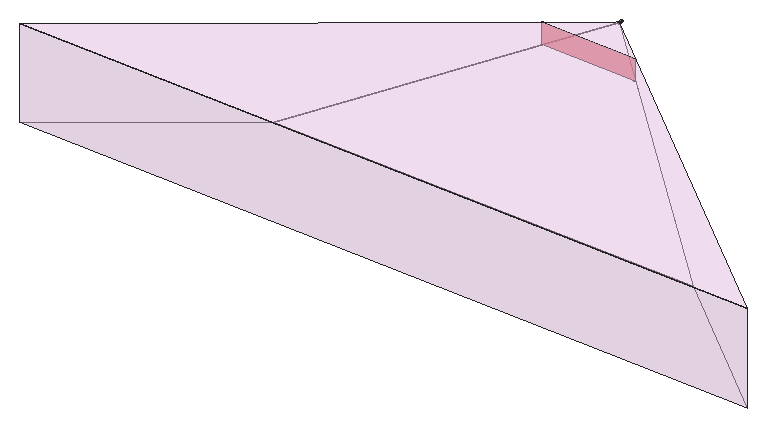
Revit family "Camera-Security-Panasonic-Super_Dynamic-H265_Varifocal-Network-Fixed_Box-WV-U1132SeriesX", category Security Devices, Revit 2019
Family settings
  Maintain Annotation Orientation = No
  Round Connector Dimension = Use Diameter
  Part Type = Normal
  OmniClass Number = 23.85.10.14.11
  OmniClass Title = Cameras
  Work Plane-Based = Yes
  Always vertical = No
  Cut with Voids When Loaded = No
  Shared = No
  Room Calculation Point = No
Parameters (values of type "Full HD, WV-U1130")
  Vertical FOV Min [instance] = if(and(Aspect Ratio 4_3, not(Aspect Ratio 16_9)), VFOV Min 43, VFOV Min 169)  # 55.00°
  Vertical FOV Max [instance] = if(and(Aspect Ratio 4_3, not(Aspect Ratio 16_9)), VFOV Max 43, VFOV Max 169)  # 55.00°
  Vertical FOV Actual [instance] = HFOV Ratio * (Vertical FOV Max - Vertical FOV Min) + Vertical FOV Min  # 55.00°
  VFOV Min 43 = 61.00°
  VFOV Min 169 = 55.00°
  VFOV Max 43 = 61.00°
  VFOV Max 169 = 55.00°
  Resolution HD [instance] = and(not(Camera Type = 2), not(Resolution FullHD))  # no
  Resolution FullHD [instance] = yes
  Resolution WQHD [instance] = and(Camera Type = 2, not(Resolution FullHD))  # no
  Horizontal Resolution 43 [instance] = if(and(Resolution WQHD, not(Resolution FullHD), not(Resolution HD)), 1600, if(and(not(Resolution WQHD), Resolution FullHD, not(Resolution HD)), 1600, if(and(not(Resolution WQHD), not(Resolution FullHD), Resolution HD), 1280, 1600)))  # 1600
  Horizontal Resolution 169 [instance] = if(and(Resolution WQHD, not(Resolution FullHD), not(Resolution HD)), 2560, if(and(not(Resolution WQHD), Resolution FullHD, not(Resolution HD)), 1920, if(and(not(Resolution WQHD), not(Resolution FullHD), Resolution HD), 1280, 1920)))  # 1920
  PPM Desired [instance] = 600
  PPM Actual [instance] = if(PPM Desired > 1, PPM Desired, 1)  # 600
  On Wall = yes
  Horizontal Resolution Actual [instance] = if(and(Aspect Ratio 4_3, not(Aspect Ratio 16_9)), Horizontal Resolution 43, Horizontal Resolution 169)  # 1920
  HFOV Ratio [instance] = if(Camera Type = 3, 1, (Horizontal FOV Actual - Horizontal FOV Min) / (Horizontal FOV Max - Horizontal FOV Min))  # 1
  Yaw Angle Fixed = 0.00°  # constant formula
  Width = 2.32283"
  Wide Dynamic Range = yes
  Weight = 0.33 lbf
  Voltage DC = 48 V  # constant formula
  Vandal Resistant = no
  VV Viewpoint Depth Min = 0.000"
  VV Viewpoint Depth Max = 0.000"
  VV Origin Height = 3.45669" + 0.7874"  # 4.24409"
  VV Viewpoint Depth [instance] = (VV Viewpoint Depth Max - VV Viewpoint Depth Min) * HFOV Ratio + VV Viewpoint Depth Min  # 0.000"
  URL = "http://security.panasonic.com/pss/security/"
  Til Angle Fixed = 0.00°  # constant formula
  Storage Temperature = Operational Temperature  # "-10 °C to +50 °C (+14 °F to +122 °F)"
  Show View Volume [instance] = yes
  Regulatory Compliance = "UL (UL60950-1), c-UL (CSA C22.2 No.60950-1), CE, IEC60950-1, FCC (Part15 ClassA), ICES003 ClassA, EN55032 ClassB, EN55024"  # constant formula
  Provide Feedback = "https://www.surveymonkey.com/s/95FL6QY"
  Product Page URL = "https://security.panasonic.com/products_technology/products/wv-u1130/"
  Product Material = Paint - Panasonic - i-PRO White
  Product Documentation Link = "https://bizpartner.panasonic.net/public/ppr/product/11180?accordion_tab=1134"
  Power Active [instance] = 3.8 W
  Part Number = Model  # "WV-U1130"
  Part Description = Description  # "Security Camera, Super Dynamic, Full HD, iA, Full HD, H.265 Network Camera, WV-U1130"
  Pan Angle Fixed = 0.00°  # constant formula
  Original Creation Date = "2020/04/06"
  Operational Temperature = "-10 °C to +50 °C (+14 °F to +122 °F)"  # constant formula
  Operational Humidity = "10 to 90 % (no condensation)"  # constant formula
  Mounting Positions = "Mount Dependent"  # constant formula
  Model Disclaimer = "Contact Panasonic for more information"  # constant formula
  Model = "WV-U1130"
  Minimum Illumination = 0.100 lx
  Manufacturer = "Panasonic"  # constant formula
  Indoor Or Outdoor = "Indoor"  # constant formula
  IP Or Analog = "IP"  # constant formula
  Horizontal FOV Min [instance] = if(and(Aspect Ratio 4_3, not(Aspect Ratio 16_9)), HFOV Min 43, HFOV Min 169)  # 102.00°
  Horizontal FOV Max [instance] = if(and(Aspect Ratio 4_3, not(Aspect Ratio 16_9)), HFOV Max 43, HFOV Max 169)  # 102.00°
  Horizontal FOV Desired [instance] = 60.00°
  Horizontal FOV Actual [instance] = if(Horizontal FOV Desired > Horizontal FOV Max, Horizontal FOV Max, if(Horizontal FOV Desired < Horizontal FOV Min, Horizontal FOV Min, Horizontal FOV Desired))  # 102.00°
  Height = 1.92913"
  Has POE = yes
  HFOV Min 43 = 83.00°
  HFOV Min 169 = 102.00°
  HFOV Max 43 = 83.00°
  HFOV Max 169 = 102.00°
  Distance to Floor [instance] = 118.11024"
  Floor Distance [instance] = if(Distance to Floor < 0.3937", 0.3937", Distance to Floor)  # 118.11024"
  Family Version = "1.0.0"
  Equipment Number = " "
  Equipment Abbreviation = "SC"
  Distance to Screen [instance] = 393.70079"
  Distance to PPM Target [instance] = if(PPM Actual = 0, 0.000", 39.37008" * Horizontal Resolution Actual / (PPM Actual * 2 * tan(Horizontal FOV Actual / 2)))  # 51.01002"
  Description = "Security Camera, Super Dynamic, Full HD, iA, Full HD, H.265 Network Camera, WV-U1130"
  Depth = 4.56693"
  Default Elevation = 48.000"
  Day Or Night = "Yes"  # constant formula
  Date Last Modified = "2020/04/06"
  Copyright = "Copyright © Panasonic"  # constant formula
  Communication Ports = "10Base-T / 100Base-TX, RJ45 connector"  # constant formula
  Distance to Ceiling [instance] = 0.96457"
  Ceiling Distance [instance] = if(Distance to Ceiling < 0.3937", 0.3937", Distance to Ceiling)  # 0.96457"
  Camera Type = 3
  Body Radius = Width / 2  # 1.16142"
  Auto Back Focus = no
  Audio Out = "N/A"
  Audio In = "N/A"
  Assembly Code = ""
  Aspect Ratio 4_3 [instance] = and(not(Aspect Ratio 16_9), not(Camera Type = 2))  # no
  Aspect Ratio 16_9 [instance] = yes
  Angle Of View = "102"
  Alarm Input Or Output Specification = "N/A"  # constant formula
Types (3): name | Vertical FOV Min | Vertical FOV Max | Vertical FOV Actual | VFOV Min 43 | VFOV Min 169 | VFOV Max 43 | VFOV Max 169 | Resolution FullHD | Resolution WQHD | Horizontal Resolution 169 | Horizontal Resolution Actual | HFOV Ratio | Weight | Product Page URL | Product Documentation Link | Power Active | Part Number | Part Description | Original Creation Date | Model | Minimum Illumination | Horizontal FOV Min | Horizontal FOV Max | Horizontal FOV Actual | HFOV Min 43 | HFOV Min 169 | HFOV Max 43 | HFOV Max 169 | Distance to PPM Target | Description | Date Last Modified | Camera Type | Angle Of View
  Full HD, WV-U1132 | 24.00° | 56.00° | 32.8276° | 27.00° | 24.00° | 63.00° | 56.00° | yes | no | 1920 | 1920 | 0.27586 | 0.34 lbf | "https://security.panasonic.com/products_technology/products/wv-u1132/" | "https://bizpartner.panasonic.net/public/ppr/product/10961?accordion_tab=96" | 4.3 W | "WV-U1132" | "Security Camera, Network, Super Dynamic, Full HD, iA, Full HD, H.265 Varifocal Camera, WV-U1132" | "2020/01/6" | "WV-U1132" | 0.100 lx | 44.00° | 102.00° | 60.00° | 36.00° | 44.00° | 84.00° | 102.00° | 109.10556" | "Security Camera, Network, Super Dynamic, Full HD, iA, Full HD, H.265 Varifocal Camera, WV-U1132" | "2020/01/06" | 1 | "102"
  4M Pixel, WV-U1142 | 25.00° | 57.00° | 33.678° | 25.00° | 25.00° | 57.00° | 57.00° | no | yes | 2560 | 2560 | 0.27119 | 0.44 lbf | "https://security.panasonic.com/products_technology/products/wv-u1142/" | "https://bizpartner.panasonic.net/public/ppr/product/10962?accordion_tab=96" | 4.8 W | "WV-U1142" | "Security Camera, Network, Super Dynamic, 4M Pixel, iA, H.265 Varifocal Camera, WV-U1142" | "2020/01/6" | "WV-U1142" | 0.300 lx | 44.00° | 103.00° | 60.00° | 44.00° | 44.00° | 103.00° | 103.00° | 145.47408" | "Security Camera, Network, Super Dynamic, 4M Pixel, iA, H.265 Varifocal Camera, WV-U1142" | "2020/01/06" | 2 | "103"
  Full HD, WV-U1130 | 55.00° | 55.00° | 55.00° | 61.00° | 55.00° | 61.00° | 55.00° | yes | no | 1920 | 1920 | 1 | 0.33 lbf | "https://security.panasonic.com/products_technology/products/wv-u1130/" | "https://bizpartner.panasonic.net/public/ppr/product/11180?accordion_tab=1134" | 3.8 W | "WV-U1130" | "Security Camera, Super Dynamic, Full HD, iA, Full HD, H.265 Network Camera, WV-U1130" | "2020/04/06" | "WV-U1130" | 0.100 lx | 102.00° | 102.00° | 102.00° | 83.00° | 102.00° | 83.00° | 102.00° | 51.01002" | "Security Camera, Super Dynamic, Full HD, iA, Full HD, H.265 Network Camera, WV-U1130" | "2020/04/06" | 3 | "102"
Reference planes (in)
  plane 1 "Center (Front/Back)": y = 0
  plane 2: z = 0
  plane 3 "Center (Left/Right)": x = 0
  plane 4: z = 1.16142
  plane 5: z = -1.16142
  plane 6: z = 0.96457
  plane 7: z = -0.96457
  plane 8: y = -4.24409
  plane 9: y = -4.56693
  plane 10: y = -0.7874
  plane 11 "BP": y = -4.24409
Forms (in)
  Extrusion 1, solid, material "Paint - Panasonic - i-PRO White" <- "Product Material"
    sketch origin (0, 0, 0) x (1, 0, 0) y (0, 0, 1)
      loop
        circle (0, 0) r 1.16142
    from 0 to 4.56693
  Extrusion 2, void
    sketch origin (0, 0, 0) x (1, 0, 0) y (0, 0, 1)
      loop
        line (-3.15988, 0.96457) -> (-3.15988, -0.96457) -> (2.94248, -0.96457) -> (2.94248, 0.96457) -> (-3.15988, 0.96457)
      loop
        line (-4.52927, 3.75435) -> (-4.52927, -3.52912) -> (4.329, -3.52912) -> (4.329, 3.75435) -> (-4.52927, 3.75435)
    from 0 to 5.74803
  Blend 3, void
    base sketch origin (0, -4.56693, 0) x (-1, 0, 0) y (0, 0, 1)
      loop
        line (0.71401, 0.64961) -> (-0.71401, 0.64961)
        arc (-0.71401, 0.64961) -> (-0.95909, 0) -> (-0.71401, -0.64961) r 0.98346
        line (-0.71401, -0.64961) -> (0.71401, -0.64961)
        arc (0.71401, -0.64961) -> (0.95909, 0) -> (0.71401, 0.64961) r 0.98346
    top sketch origin (0, -5.64173, -12) x (0, 0, -1) y (-1, 0, 0)
      loop
        circle (-12, 0) r 0.31496
    from 0 to 1.39764
  Revolve 4, solid, material "Glass"
    sketch origin (0, 0, 0) x (0, 1, 0) y (0, 0, 1)
      loop
        line (-4.24409, 0) -> (-4.24409, 0.31148)
        arc (-4.24409, 0.31148) -> (-4.343, 0.16921) -> (-4.38031, 0) r 0.44657
        line (-4.38031, 0) -> (-4.24409, 0)
      axis (-4.38031, 0) -> (-4.24409, 0)
    angle from 0 to 360
  Extrusion 5, void
    sketch origin (0, 0, 0) x (1, 0, 0) y (0, 1, 0)
      loop
        circle (0, -0.7874) r 0.19685
    from -0.96457 to 0.96457
  Extrusion 6, solid, material "Paint - Panasonic - i-PRO White" <- "Product Material"
    sketch origin (0, 0, 0) x (1, 0, 0) y (0, 0, 1)
      loop
        arc (-0.64692, 0.96457) -> (-1.16142, 0) -> (-0.64692, -0.96457) r 1.16142
        line (-0.64692, -0.96457) -> (-0.56818, -0.96457)
        arc (-0.56818, -0.96457) -> (-1.10732, 0) -> (-0.56818, 0.96457) r 1.13241
        line (-0.56818, 0.96457) -> (-0.64692, 0.96457)
    from 0 to 2.42126
Cuts and joins
  Extrusion 2, Blend 3, Extrusion 5 cuts Extrusion 1
Lines and regions (in)
  model lines
    curve 1: spline (-131.95689, -4.56693, 30.81666) -> (-131.95204, -4.56693, 30.81773) -> (-131.94753, -4.56693, 30.82084) -> (-131.94365, -4.56693, 30.8258) -> (-131.94067, -4.56693, 30.83227) -> (-131.9388, -4.56693, 30.8398) -> (-131.93816, -4.56693, 30.84787) -> (-131.9388, -4.56693, 30.85595) -> (-131.94067, -4.56693, 30.86348) -> (-131.94365, -4.56693, 30.86994) -> (-131.94753, -4.56693, 30.8749) -> (-131.95204, -4.56693, 30.87802) -> (-131.95689, -4.56693, 30.87909) -> (-131.96174, -4.56693, 30.87802) -> (-131.96626, -4.56693, 30.8749) -> (-131.97013, -4.56693, 30.86994) -> (-131.97311, -4.56693, 30.86348) -> (-131.97498, -4.56693, 30.85595) -> (-131.97562, -4.56693, 30.84787) -> (-131.97498, -4.56693, 30.8398) -> (-131.97311, -4.56693, 30.83227) -> (-131.97013, -4.56693, 30.8258) -> (-131.96626, -4.56693, 30.82084) -> (-131.96174, -4.56693, 30.81773) -> (-131.95689, -4.56693, 30.81666)
Dimensions and locks (in)
  equal spacing: plane 4, level, plane 5
  "Width": plane 4 to plane 5
  Blend 3 sketch curve to cut or joined group of Extrusion 1, Extrusion 2, Blend 3, Extrusion 5 = 0.31496"
  plane 6 to Blend 3 sketch curve = 0.31496"
  cut or joined group of Extrusion 1, Extrusion 2, Blend 3, Extrusion 5 to plane 8 = 0.32283"
  "Depth": plane 9 to plane 1 "Center (Front/Back)"
  plane 10 to plane 1 "Center (Front/Back)" = 0.7874"
  "VV Origin Height": plane 11 "BP" to plane 1 "Center (Front/Back)"
  "Height": plane 6 to plane 7
  equal spacing: plane 6, level, plane 7
  "Body Radius": radius of Extrusion 1 sketch curve
  aligned and locked: plane 2 to level
  aligned and locked: plane 7 to Extrusion 2 sketch curve
  aligned and locked: Extrusion 2 sketch curve to plane 6
  aligned and locked: Extrusion 1 to plane 9
  aligned and locked: plane 8 to Blend 3
  aligned and locked: Extrusion 5 to Extrusion 2  (x2)
Automatic sketch dimensions
  Extrusion 2 sketch curve to plane 3 "Center (Left/Right)" = 4.52927"
  Extrusion 2 sketch curve to Extrusion 2 sketch curve = 1.36938"
  plane 3 "Center (Left/Right)" to Extrusion 2 sketch curve = 2.94248"
  Extrusion 2 sketch curve to Extrusion 2 sketch curve = 1.38652"
  Extrusion 2 sketch curve to plane 5 = 2.3677"
  plane 4 to Extrusion 2 sketch curve = 2.59293"
  Extrusion 1 sketch curve to level = 0.000"
  Extrusion 1 sketch curve to plane 3 "Center (Left/Right)" = 0.000"
  Blend 3 sketch curve to level = 0.000"
  Blend 3 sketch curve to plane 3 "Center (Left/Right)" = 0.000"
  Blend 3 sketch curve to Blend 3 sketch curve = 0.000"
  Blend 3 sketch curve to Blend 3 sketch curve = 0.68964"  (x3)
  Blend 3 sketch curve to Blend 3 sketch curve = 0.04874"
  Extrusion 5 sketch curve to plane 3 "Center (Left/Right)" = 0.000"
  Extrusion 5 sketch curve to plane 10 = 0.000"
  Revolve 4 sketch curve to level = 0.000"  (x2)
  Revolve 4 sketch curve to plane 8 = 0.000"
  Revolve 4 sketch curve to plane 8 = 0.13621"
  Revolve 4 sketch curve to level = 0.00973"
  plane 8 to Revolve 4 sketch curve = 0.31025"
  Revolve 4 sketch curve to plane 9 = 96.02131"
  Revolve 4 sketch curve to plane 1 "Center (Front/Back)" = 82.57514"
  Extrusion 6 sketch curve to plane 7 = 0.000"
  Extrusion 6 sketch curve to plane 6 = 0.000"
  Extrusion 6 sketch curve to level = 0.000"  (x2)
  Extrusion 6 sketch curve to plane 3 "Center (Left/Right)" = 0.000"
  Extrusion 6 sketch curve to plane 3 "Center (Left/Right)" = 0.64692"
  plane 3 "Center (Left/Right)" to Extrusion 6 sketch curve = 0.0251"
  Extrusion 6 sketch curve to Extrusion 6 sketch curve = 0.07874"
  curve 1 to curve 1 = 0.03121"
  radius of Blend 3 sketch curve = 0.31496"
  radius of Extrusion 5 sketch curve = 0.19685"
Nested families (in)
  nested 1: "Camera-Security-Panasonic-ViewVolumePTYZ" at (0, -4.24409, 0) x (1, 0, 0) z (0, -1, 0), Yaw <- "Yaw Angle Fixed", Tilt <- "Til Angle Fixed", Pan <- "Pan Angle Fixed", Viewpoint Depth <- "VV Viewpoint Depth", Ceiling Distance <- "Ceiling Distance", Floor Distance <- "Floor Distance", Target Depth <- "Distance to PPM Target", Screen Depth <- "Distance to Screen", HFOV <- "Horizontal FOV Actual", VFOV <- "Vertical FOV Actual", visible <- "Show View Volume", On Wall <- "On Wall", type "Camera-Security-Panasonic-ViewVolumePTYZ"
    with z Yaw Actual 0.00°, z Void Width 2558.97414", z Void Thickness 793.30709", z Void Height Start -1279.48707", z Void Height End 1279.48707", z Void Direction 1, z Void Angle 90.00°, z Viewpoint Depth 0.03937", z Tilt Actual 0.00°, z Target Width 125.98425", z Target Visible yes, z Target Height 53.10827", z Target Depth 51.01002", z Screen Width 972.35997", z Screen Height 409.89532", z Screen Depth 393.70079", z Pan Actual 0.00°, z Floor Distance 118.11024", z Ceiling Distance 0.96457", Yaw 0.00°, Viewpoint Origin Horizontal Offset 0.000", Viewpoint Depth 0.000", VFOV 55.00°, Tilt 0.00°, Target Depth 51.01002", Screen Depth 393.70079", Pan 0.00°, On Wall yes, On Floor no, On Default Mount Type 0, On Ceiling no, HFOV 102.00°, Floor Distance 118.11024", Ceiling Distance 0.96457", Base Height Offset 5.90551", Base Angle Offset 0.00°
Connectors (in)
  electrical at (0, 0, 0), driven by "Power Active", driven by "Voltage DC"
    settings: on cut or joined group of Extrusion 1, Extrusion 2, Blend 3, Extrusion 5, index 1, voltage 48 V, apparent load 3.8 W, apparent load phase1 0.0 W, apparent load phase2 0.0 W, apparent load phase3 0.0 W, power factor 1, load classification "Other", number of poles 1, system type 30, power factor state 1, is connector primary yes, connector utility no, sub classification motor no, connector description "Electrical Connection"
  electrical at (0, 0, 0)
    settings: on cut or joined group of Extrusion 1, Extrusion 2, Blend 3, Extrusion 5, index 2, voltage 0 V, apparent load 0.0 W, apparent load phase1 0.0 W, apparent load phase2 0.0 W, apparent load phase3 0.0 W, power factor 1, load classification "Other", number of poles 1, system type 5, power factor state 1, is connector primary no, connector utility no, sub classification motor no, connector description "Data Connection"
Definition of nested family "Camera-Security-Panasonic-ViewVolumePTYZ"
  Parameters (values of type "Camera-Security-Panasonic-ViewVolumePTYZ")
    z Yaw Actual [instance] = if(Yaw < 0.00°, 360.00° - (abs(Yaw) - rounddown(abs(Yaw) / 360.00°) * 360.00°), Yaw - rounddown(Yaw / 360.00°) * 360.00°)  # 0.00°
    z Void Width [instance] = if(z Screen Width > z Screen Height, z Screen Width, z Screen Height) + abs(Viewpoint Origin Horizontal Offset) + z Void Thickness * 2  # 2064.84273"
    z Void Thickness [instance] = z Screen Depth * 2 + abs(Base Height Offset)  # 805.11811"
    z Void Height Start [instance] = -z Void Width / 2  # -1032.42137"
    z Void Height End [instance] = z Void Width / 2  # 1032.42137"
    z Void Direction [instance] = if((if(On Wall, 1, 0) + if(On Floor, 1, 0) + if(On Ceiling, 1, 0)) = 1, if(On Ceiling, 0, if(On Wall, 1, 2)), On Default Mount Type)  # 0
    z Viewpoint Depth [instance] = if(Viewpoint Depth < 0.03937", 0.03937", Viewpoint Depth)  # 5.90551"
    z Tilt Actual [instance] = if(Tilt < 0.00°, 360.00° - (abs(Tilt) - rounddown(abs(Tilt) / 360.00°) * 360.00°), Tilt - rounddown(Tilt / 360.00°) * 360.00°)  # 45.00°
    z Target Visible [instance] = not(Screen Depth < Target Depth)  # yes
    z Target Thickness Start = -z Target Thickness / 2  # -0.03937"
    z Target Thickness End = z Target Thickness / 2  # 0.03937"
    z Target Depth [instance] = Target Depth + Viewpoint Depth  # 84.64567"
    z Pan Actual [instance] = if(Pan < 0.00°, 360.00° - (abs(Pan) - rounddown(abs(Pan) / 360.00°) * 360.00°), Pan - rounddown(Pan / 360.00°) * 360.00°)  # 0.00°
    z Floor Distance [instance] = if(z Void Direction = 2, if(Floor Distance < 0.000", 0.000", Floor Distance), if(Floor Distance < 0.3937", 0.3937", Floor Distance))  # 118.11024"
    z Const Yaw Base2 Length = 17.32283"  # constant formula
    z Const Tilt Base2 Length = 19.68504"  # constant formula
    z Ceiling Distance [instance] = if(z Void Direction = 2, if(Ceiling Distance < 0.3937", 0.3937", Ceiling Distance), if(Ceiling Distance < 0.000", 0.000", Ceiling Distance))  # 0.000"
    z Const Void Handle Length = 23.62205"  # constant formula
    z Void Angle [instance] = if(z Void Direction = 0, 0.00° + Base Angle Offset, if(z Void Direction = 1, 90.00° + Base Angle Offset, 180.00° + Base Angle Offset))  # 0.00°
    z Screen Depth [instance] = if(Screen Depth < 3.93701", 3.93701" + Viewpoint Depth, Screen Depth + Viewpoint Depth)  # 399.6063"
    Original Creation Date = "September, 15, 2016"  # constant formula
    On Default Mount Type [instance] = 0
    Manufacturer = "Panasonic"  # constant formula
    Family Version = "1.0.1"  # constant formula
    Default Elevation = 48.000"
    Date Last Modified = "February, 15, 2017"  # constant formula
    Copyright = "Copyright © Panasonic"  # constant formula
    Base Height Offset [instance] = 5.90551"
    Base Angle Offset [instance] = 0.00°
    z Viewpoint Width = 0.03937"  # constant formula
    z Viewpoint Height = 0.03937"  # constant formula
    VFOV [instance] = 33.75°
    z Target Width [instance] = Target Depth * tan(HFOV / 2) * 2  # 90.9213"
    z Target Thickness = 0.07874"  # constant formula
    z Target Height [instance] = Target Depth * tan(VFOV / 2) * 2  # 47.77113"
    Target Depth [instance] = 78.74016"
    z Screen Width [instance] = (z Screen Depth - Viewpoint Depth) * tan(HFOV / 2) * 2  # 454.60651"
    z Screen Height [instance] = (z Screen Depth - Viewpoint Depth) * tan(VFOV / 2) * 2  # 238.85566"
    Screen Depth [instance] = 393.70079"
    z Const Yaw Handle Length = 9.25197"  # constant formula
    z Const Yaw Base Length = 10.23622"  # constant formula
    Viewpoint Depth [instance] = 5.90551"
    Viewpoint Origin Horizontal Offset [instance] = 0.000"
    z Const Tilt Handle Length = 14.17323"  # constant formula
    z Const Tilt Base Length = 9.84252"  # constant formula
    z Const Pan Handle Length = 19.68504"  # constant formula
    z Const Pan Axis Length = 15.74803"  # constant formula
    On Wall [instance] = no
    On Floor [instance] = no
    On Ceiling [instance] = yes
    HFOV [instance] = 60.00°
    Yaw [instance] = 0.00°
    Tilt [instance] = 45.00°
    Pan [instance] = 0.00°
    Floor Distance [instance] = 118.11024"
    Ceiling Distance [instance] = 0.000"
  Reference planes (in)
    plane 1 "Center (Front/Back)": y = 0
    plane 2: z = 0
    plane 3 "Center (Left/Right)": x = 0
    plane 4 "VoidOffsetBase": z = -5.90551
  Forms (in)
    Extrusion 1, void
      sketch origin (0, 0, -5.90551) x (0, 0, 1) y (0, -1, 0)
        loop
          line (923.22835, 1032.42137) -> (118.11024, 1032.42137) -> (118.11024, -1032.42137) -> (923.22835, -1032.42137) -> (923.22835, 1032.42137)
        loop
          line (0, 1032.42137) -> (-805.11811, 1032.42137) -> (-805.11811, -1032.42137) -> (0, -1032.42137) -> (0, 1032.42137)
      from -1032.42137 <- "z Void Height Start" to 1032.42137 <- "z Void Height End"
    Blend 2, solid
      base sketch origin (0, -4.17583, 4.17583) x (0, 0.707107, 0.707107) y (-1, 0, 0)
        loop
          line (-0.01969, -0.01969) -> (0.01969, -0.01969) -> (0.01969, 0.01969) -> (-0.01969, 0.01969) -> (-0.01969, -0.01969)
      top sketch origin (0, -282.56432, 282.56432) x (0, 0.707107, 0.707107) y (-1, 0, 0)
        loop
          line (-119.42783, -227.30326) -> (119.42783, -227.30326) -> (119.42783, 227.30326) -> (-119.42783, 227.30326) -> (-119.42783, -227.30326)
      from 0 to 0
    Extrusion 3, solid, visible <- "z Target Visible"
      sketch origin (0, -59.85353, 59.85353) x (0, 0.707107, 0.707107) y (-1, 0, 0)
        loop
          line (-23.88557, -45.46065) -> (23.88557, -45.46065) -> (23.88557, 45.46065) -> (-23.88557, 45.46065) -> (-23.88557, -45.46065)
      from -0.03937 <- "z Target Thickness Start" to 0.03937 <- "z Target Thickness End"
  Cuts and joins
    Extrusion 1 cuts Blend 2
    Extrusion 1 cuts Extrusion 3
  Lines and regions (in)
    reference lines
      curve 1: line (0, 0, 0) -> (19.68504, 0, 0)
      curve 2: line (0, 0, -15.74803) -> (0, 0, 0)
      curve 3: line (0, 0, 0) -> (0, -9.84252, 0)
      curve 4: line (0, 0, 0) -> (0, 0, 19.68504)
      curve 5: line (0, -10.02199, 10.02199) -> (0, 0, 0)
      curve 6: line (0, 0, 0) -> (0, 7.2381, 7.2381)
      curve 7: line (0, 0, 0) -> (-17.32283, 0, 0)
      curve 8: line (0, 0, 0) -> (-9.25197, 0, 0)
      curve 9: line (0, -4.17583, 4.17583) -> (0, 0, 0)
      curve 10: line (0, 0, 0) -> (0, -59.85353, 59.85353)
      curve 11: line (0, 0, 0) -> (0, -282.56432, 282.56432)
      curve 12: line (-0.01969, -4.16191, 4.18975) -> (0.01969, -4.16191, 4.18975)
      curve 13: line (-0.01969, -4.18975, 4.16191) -> (0.01969, -4.18975, 4.16191)
      curve 14: line (-0.01969, -4.16191, 4.18975) -> (-0.01969, -4.18975, 4.16191)
      curve 15: line (0.01969, -4.16191, 4.18975) -> (0.01969, -4.18975, 4.16191)
      curve 16: line (-45.46065, -42.96388, 76.74317) -> (45.46065, -42.96388, 76.74317)
      curve 17: line (-45.46065, -76.74317, 42.96388) -> (45.46065, -76.74317, 42.96388)
      curve 18: line (-45.46065, -42.96388, 76.74317) -> (-45.46065, -76.74317, 42.96388)
      curve 19: line (45.46065, -42.96388, 76.74317) -> (45.46065, -76.74317, 42.96388)
      curve 20: line (-227.30326, -198.1161, 367.01255) -> (-227.30326, -367.01255, 198.1161)
      curve 21: line (227.30326, -198.1161, 367.01255) -> (227.30326, -367.01255, 198.1161)
      curve 22: line (-227.30326, -198.1161, 367.01255) -> (227.30326, -198.1161, 367.01255)
      curve 23: line (-227.30326, -367.01255, 198.1161) -> (227.30326, -367.01255, 198.1161)
      curve 24: line (0, 0, -5.90551) -> (0, 0, 17.71654)
      curve 25: line (0, -1032.42137, 917.32283) -> (0, 1032.42137, 917.32283)
      curve 26: line (0, -1032.42137, 112.20472) -> (0, -1032.42137, 917.32283)
      curve 27: line (0, 1032.42137, 112.20472) -> (0, -1032.42137, 112.20472)
      curve 28: line (0, 1032.42137, 917.32283) -> (0, 1032.42137, 112.20472)
      curve 29: line (0, -1032.42137, -5.90551) -> (0, 1032.42137, -5.90551)
      curve 30: line (0, -1032.42137, -811.02362) -> (0, -1032.42137, -5.90551)
      curve 31: line (0, 1032.42137, -811.02362) -> (0, -1032.42137, -811.02362)
      curve 32: line (0, 1032.42137, -5.90551) -> (0, 1032.42137, -811.02362)
  Dimensions and locks (in)
    "z Const Pan Handle Length": curve 1 to curve 1
    "z Const Pan Axis Length": curve 2 to curve 2
    "z Const Tilt Base Length": curve 3 to curve 3
    "z Const Pan Axis Length": curve 1 to curve 2
    "Viewpoint Origin Horizontal Offset": curve 4 to curve 2
    "z Const Tilt Base2 Length": curve 4 to curve 4
    "z Const Tilt Handle Length": curve 5 to curve 5
    "z Const Yaw Base Length": curve 6 to curve 6
    "z Const Yaw Base2 Length": curve 7 to curve 7
    "z Const Yaw Handle Length": curve 8 to curve 8
    "z Viewpoint Depth": curve 9 to curve 9
    "z Target Depth": curve 10 to curve 10
    "z Screen Depth": curve 11 to curve 11
    equal spacing: curve 13, curve 9, curve 12
    "z Viewpoint Height": curve 13 to curve 12
    equal spacing: curve 14, curve 9, curve 15
    "z Viewpoint Width": curve 14 to curve 15
    equal spacing: curve 17, curve 10, curve 16
    "z Target Height": curve 17 to curve 16
    equal spacing: curve 18, curve 10, curve 19
    "z Target Width": curve 18 to curve 19
    equal spacing: curve 20, curve 11, curve 21
    "z Screen Width": curve 20 to curve 21
    equal spacing: curve 23, curve 11, curve 22
    "z Screen Height": curve 23 to curve 22
    "z Const Void Handle Length": curve 24 to curve 24
    equal spacing: curve 26, curve 24, curve 28
    "z Void Width": curve 26 to curve 28
    "z Floor Distance": curve 27 to curve 24
    "z Ceiling Distance": curve 29 to curve 24
    "z Void Thickness": curve 31 to curve 29
    "z Void Thickness": curve 25 to curve 27
    "Base Height Offset": level to plane 4 "VoidOffsetBase"
    locked: curve 3 to curve 2 (angle 90.00°)
    locked: curve 3 to curve 4 (angle 90.00°)
    "z Tilt Actual": angle curve 4 to curve 5
    locked: curve 6 to curve 7 (angle 90.00°)
    locked: curve 6 to curve 5 (angle 90.00°)
    locked: curve 9 to curve 5 (angle 0.00°)
    locked: curve 10 to curve 5 (angle 0.00°)
    locked: curve 11 to curve 5 (angle 0.00°)
    "z Void Angle": angle plane 1 "Center (Front/Back)" to curve 24
    "z Yaw Actual": angle curve 7 to curve 8
    "z Pan Actual": angle plane 1 "Center (Front/Back)" to curve 1
    aligned and locked: level to plane 2
    aligned and locked: curve 2 to curve 1
    aligned and locked: curve 2 to curve 3
    aligned and locked: curve 3 to curve 2
    aligned and locked: curve 3 to curve 5
    aligned and locked: curve 6 to curve 7
    aligned and locked: curve 6 to curve 8
    aligned and locked: curve 8 to curve 7
    aligned and locked: curve 7 to curve 6
    aligned and locked: curve 5 to curve 11
    aligned and locked: curve 11 to curve 8
    aligned and locked: curve 12 to curve 15
    aligned and locked: curve 15 to curve 15
    aligned and locked: curve 14 to curve 14
    aligned and locked: curve 13 to curve 15
    aligned and locked: curve 16 to curve 19
    aligned and locked: curve 18 to curve 18
    aligned and locked: curve 17 to curve 19
    aligned and locked: curve 22 to curve 22
    aligned and locked: curve 21 to curve 23
    aligned and locked: curve 20 to curve 23
    aligned and locked: curve 23 to curve 23
    aligned and locked: plane 1 "Center (Front/Back)" to curve 24
    aligned and locked: curve 30 to curve 26
    aligned and locked: curve 28 to curve 32
    aligned and locked: Extrusion 1 sketch curve to curve 25
    aligned and locked: Extrusion 1 sketch curve to curve 26
    aligned and locked: Extrusion 1 sketch curve to curve 27
    aligned and locked: Extrusion 1 sketch curve to curve 28
    aligned and locked: Extrusion 1 sketch curve to curve 29
    aligned and locked: Extrusion 1 sketch curve to curve 30
    aligned and locked: Extrusion 1 sketch curve to curve 31
    aligned and locked: Extrusion 1 sketch curve to curve 32
    aligned and locked: Extrusion 1 sketch curve to Extrusion 1 sketch curve  (x8)
    aligned and locked: Blend 2 sketch curve to curve 15
    aligned and locked: Blend 2 sketch curve to curve 13
    aligned and locked: Blend 2 sketch curve to curve 14
    aligned and locked: Blend 2 sketch curve to curve 12
    aligned and locked: Blend 2 sketch curve to Blend 2 sketch curve  (x8)
    aligned and locked: Blend 2 sketch curve to curve 21
    aligned and locked: Blend 2 sketch curve to curve 23
    aligned and locked: Blend 2 sketch curve to curve 20
    aligned and locked: Blend 2 sketch curve to curve 22
    aligned and locked: Extrusion 3 sketch curve to curve 19
    aligned and locked: Extrusion 3 sketch curve to curve 17
    aligned and locked: Extrusion 3 sketch curve to curve 18
    aligned and locked: Extrusion 3 sketch curve to curve 16
    aligned and locked: Extrusion 3 sketch curve to Extrusion 3 sketch curve  (x4)
    aligned and locked: plane 3 "Center (Left/Right)" to curve 1
    aligned and locked: plane 1 "Center (Front/Back)" to curve 1
    aligned and locked: level to curve 2
    aligned and locked: plane 4 "VoidOffsetBase" to curve 24
  Automatic sketch dimensions
    curve 6 to curve 5 = 0.000"
    curve 6 to curve 5 = 10.23622"
